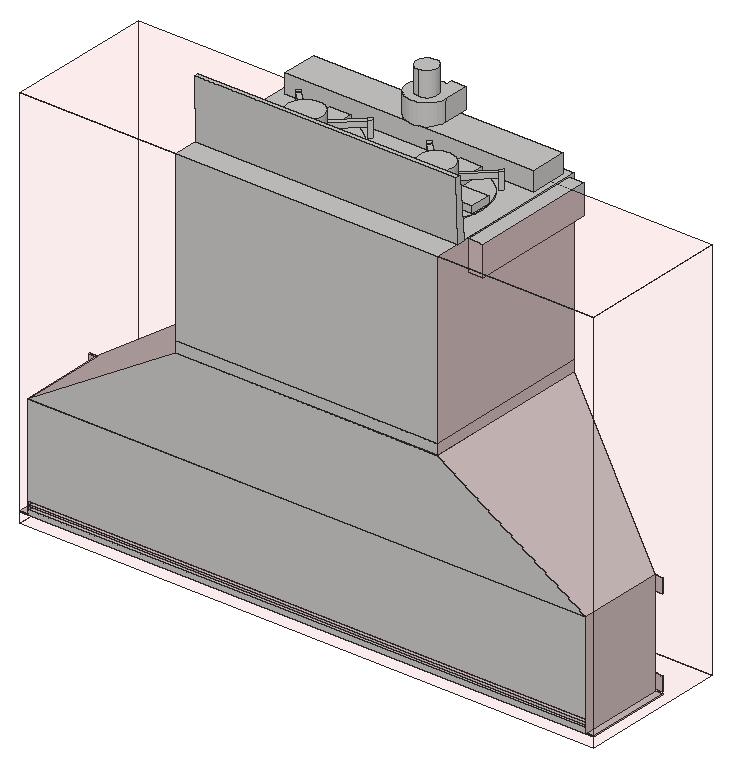
Revit family "Air-Curtain_Climate-Control_PoweredAire_TIG-1Heater", category Mechanical Equipment, host Face, Revit 2017
Family settings
  Host = Face
  Round Connector Dimension = Use Diameter
  Part Type = Normal
  OmniClass Number = 23.75.35.17.21
  OmniClass Title = Air Curtains
  Cut with Voids When Loaded = No
  Shared = No
  Room Calculation Point = No
Parameters (values of type "108'' Nozzle")
  upperrotation [instance] = 0.00°
  lowerrotation [instance] = 0.00°
  locateupperpipe [instance] = 0' - 0"
  locatelowerpipe [instance] = 0' - 0"
  Warranty Duration (Years) = 0
  Unit Width Notes = "Other Widths available."  # constant formula
  Unit Width = 9' - 3 5/32"
  Unit Weight = 640
  Unit Height = 1' - 4 3/4"
  Unit Depth = 1' - 8 1/4"
  URL = "http://www.poweredaire.com/"
  Test Data = ""
  Standards Conformance = "ETL  ;  Made in USA"
  Specification = "http://www.arcat.com/sdspecs/htm04/23_34_33pai.htm"
  SpecWizard = ""
  Sound Pressure = ">63 dBA"
  Sales Information = "http://www.poweredaire.com/contact_us"
  Revision = "R1_2016-08"
  Projection from Host [instance] = 0' - 2"
  Product Properties = ""
  Product Data = "http://www.arcat.com/arcatcos/cos47/arc47623.html"
  Power Rating = 0 W
  Piping_Water Flow [instance] = 0 GPM
  Piping_Operating Pressure [instance] = 0.00 psi
  Piping_Exit Temperature [instance] = 0 °F
  Piping_Entry Temperature [instance] = 0 °F
  Pipe OD [instance] = 5/8"
  Overall Depth = 6' - 0 3/4"
  Nozzle Width = if(1 = 1, Unit Width - 0' 3", 0' 0")  # 9' - 0 5/32"
  Mounting Width = if(1 = 1, Unit Width - 0' 1 1/2", 0' 0")  # 9' - 1 21/32"
  Mounting Height [instance] = 3' - 6"
  Motor RPM = 1630
  Motor HP = 0.75
  Motor Count = 3
  Model = "TIG-3-108"
  Max Height = 12' - 0"
  Manufacturer Website = "http://www.poweredaire.com/"
  Manufacturer Phone - Toll Free = "888-321-2473"
  Manufacturer Phone = "724-588-3305"
  Manufacturer Fax = "724-588-3371"
  Manufacturer Address = "109 Mortensen Rd.  Greenville, PA 16125"
  Manufacturer = "Powered Aire, Inc"
  Maintenance Schedule (Months) = 0
  Keynote = "23 34 33"
  Installation-Fabrication = ""
  Installation Phase = ""
  Include Clearance [instance] = yes
  Heating Element Load = 0 W
  Heater Weight = 0
  Heater Hanging Width = 4' - 0 5/8"
  Heater Finish [instance] = Metal - Steel - PoweredAire - Stainless 304
  HVAC_Temperature Rise = 34 °F
  HVAC_Primary CFM = 0 CFM
  HVAC_Outlet Volume = 7600 CFM
  HVAC_Outlet Velocity Uniformity = 0.92
  HVAC_Outlet Velocity = 3700 FPM
  HVAC_Exit Temperature [instance] = 0 °F
  HVAC_BTU Output = 280000.0 Btu/h
  HVAC_BTU Input = 105000.0 Btu/h
  Green Building-LEED = "http://www.arcat.com/green/clients/leed_data_47623.html"
  Gas Connection Diameter [instance] = 0"
  Frame Finish [instance] = Metal - Steel - PoweredAire - Stainless 304
  Expected Lifespan (Years) = 0
  Exhaust Connection Diameter = 0' - 6"
  Electrical_Wattage [instance] = Power Rating + Heating Element Load  # 0 W
  Electrical_Voltage [instance] = 0 V
  Electrical_Phase [instance] = 1
  Electrical_Frequency [instance] = 0 Hz
  Electrical_Amperage [instance] = 0 A
  Drawn By = "Sumex Design, Inc. / Robert S. Weygant, CSI, CDT, SCIP"
  Description = "Powered Aire Indirect Gas Heated Climate Control Air Curtain - TIG-3-108 as Specified"
  Default Elevation = 0' - 0"  # constant formula
  Copyright = "©Arcat Inc."
  Construction Details = "http://www.arcat.com/details/powair/prod3336.html"
  Clearance_Top [instance] = 1' - 0"
  Clearance_Side B [instance] = 0' - 0"
  Clearance_Side A [instance] = 0' - 0"
  Clearance_Intake [instance] = 0' - 0"
  Clearance_Bottom [instance] = 0' - 0"
  Clearance Material [instance] = ARCAT Clearance
  Building Codes = ""
  Available Options [instance] = "as Specified"
  Assembly Code = "D3090400"
Types (7): name | Unit Width | Unit Weight | Sound Pressure | Nozzle Width | Mounting Width | Motor Count | Model | Heater Hanging Width | HVAC_Temperature Rise | HVAC_Outlet Volume | HVAC_Outlet Velocity Uniformity | HVAC_Outlet Velocity | HVAC_BTU Output | HVAC_BTU Input | Exhaust Connection Diameter | Description
  108'' Nozzle | 9' - 3 5/32" | 640 | ">63 dBA" | 9' - 0 5/32" | 9' - 1 21/32" | 3 | "TIG-3-108" | 4' - 0 5/8" | 34 °F | 7600 CFM | 0.92 | 3700 FPM | 280000.0 Btu/h | 105000.0 Btu/h | 0' - 6" | "Powered Aire Indirect Gas Heated Climate Control Air Curtain - TIG-3-108 as Specified"
  96'' Nozzle | 8' - 3 1/16" | 570 | ">63 dBA" | 8' - 0 1/16" | 8' - 1 9/16" | 2 | "TIG-2-96" | 2' - 6 5/8" | 36 °F | 5100 CFM | 0.92 | 2800 FPM | 200000.0 Btu/h | 50000.0 Btu/h | 0' - 5" | "Powered Aire Indirect Gas Heated Climate Control Air Curtain - TIG-2-96 as Specified"
  84'' Nozzle | 7' - 3 1/16" | 530 | ">63 dBA" | 7' - 0 1/16" | 7' - 1 9/16" | 2 | "TIG-2-84" | 2' - 6 5/8" | 37 °F | 5100 CFM | 0.93 | 3200 FPM | 200000.0 Btu/h | 50000.0 Btu/h | 0' - 5" | "Powered Aire Indirect Gas Heated Climate Control Air Curtain - TIG-2-84 as Specified"
  72'' Nozzle | 6' - 3 1/16" | 500 | ">63 dBA" | 6' - 0 1/16" | 6' - 1 9/16" | 2 | "TIG-2-72" | 2' - 6 5/8" | 36 °F | 5100 CFM | 0.95 | 3700 FPM | 200000.0 Btu/h | 50000.0 Btu/h | 0' - 5" | "Powered Aire Indirect Gas Heated Climate Control Air Curtain - TIG-2-72 as Specified"
  60'' Nozzle | 5' - 3" | 340 | "63 dBA" | 5' - 0" | 5' - 1 1/2" | 1 | "TIG-1-60" | 1' - 6 5/8" | 44 °F | 2500 CFM | 0.91 | 2200 FPM | 120000.0 Btu/h | 150000.0 Btu/h | 0' - 5" | "Powered Aire Indirect Gas Heated Climate Control Air Curtain - TIG-1-60 as Specified"
  48'' Nozzle | 4' - 3" | 280 | "63 dBA" | 4' - 0" | 4' - 1 1/2" | 1 | "TIG-1-48" | 1' - 6 5/8" | 43 °F | 2600 CFM | 0.92 | 2800 FPM | 120000.0 Btu/h | 150000.0 Btu/h | 0' - 5" | "Powered Aire Indirect Gas Heated Climate Control Air Curtain - TIG-1-48 as Specified"
  36'' Nozzle | 3' - 3" | 250 | "63 dBA" | 3' - 0" | 3' - 1 1/2" | 1 | "TIG-1-36" | 1' - 6 5/8" | 44 °F | 2500 CFM | 0.95 | 3700 FPM | 120000.0 Btu/h | 150000.0 Btu/h | 0' - 5" | "Powered Aire Indirect Gas Heated Climate Control Air Curtain - TIG-1-36 as Specified"
Reference planes (in)
  plane 1 "Center (Elevation)": y = 0.13818
  plane 2: z = 0
  plane 3 "Center (Left/Right)": x = 0
  plane 4 "Top": y = 8.51318
  plane 5: y = -8.23682
  plane 6: x = -55.57812
  plane 7: x = 55.57813
  plane 8 "Front": z = 22.25
  plane 9 "FF": y = -41.86182
  plane 10: z = 2
  plane 11: x = 54.07813
  plane 12: x = -54.07812
  plane 13: y = 20.51318
  plane 14: y = -8.23682
  plane 15: x = -55.57812
  plane 16: x = 55.57813
  plane 17: z = 74.75
  plane 18: x = 54.01563
  plane 19: x = -54.01562
  plane 20: x = 54.07813
  plane 21: x = 54.07813
  plane 22: y = 6.01318
  plane 23: y = -5.73682
  plane 24: x = -24.3125
  plane 25: x = 24.3125
  plane 26: x = -25.375
  plane 27: x = 25.375
  plane 28: z = 74.75
  plane 29: z = 42.25
  plane 30: z = 40.25
Forms (in)
  Extrusion 1, solid, material "Metal - Steel - PoweredAire - Stainless 304" <- "Frame Finish"
    sketch origin (0, 0, 0) x (0, 1, 0) y (0, 0, 1)
      loop
        line (-8.23682, 2) -> (8.51318, 2) -> (8.51318, 22.25) -> (-8.23682, 22.25) -> (-8.23682, 2)
    from -54.07812 to 54.07812
  Extrusion 2, solid, material "ARCAT Clearance" <- "Clearance Material", visible <- "Include Clearance"
    sketch origin (0, 0, 0) x (0, 1, 0) y (0, 0, 1)
      loop
        line (-8.23682, 74.75) -> (-8.23682, 0) -> (20.51318, 0) -> (20.51318, 74.75) -> (-8.23682, 74.75)
    from -55.57812 to 55.57812
  Extrusion 3, solid, material "Metal - Steel - PoweredAire - Stainless 304" <- "Frame Finish"
    sketch origin (-15.17702, -180, 2) x (-1, 0, 0) y (0, -1, 0)
      loop
        line (-69.25515, -188.51318) -> (-69.25515, -171.76318) -> (-70.75515, -171.76318) -> (-70.75515, -188.51318) -> (-69.25515, -188.51318)
      loop
        line (38.9011, -188.51318) -> (40.4011, -188.51318) -> (40.4011, -171.76318) -> (38.9011, -171.76318) -> (38.9011, -188.51318)
    from 0 to 0.125
  Extrusion 4, solid, material "Metal - Steel - PoweredAire - Stainless 304" <- "Frame Finish"
    sketch origin (-11.83813, 8.51318, 48) x (-1, 0, 0) y (0, 0, 1)
      loop
        line (-65.91625, -45.5) -> (-65.91625, -42.75) -> (-67.41625, -42.75) -> (-67.41625, -45.5) -> (-65.91625, -45.5)
      loop
        line (-65.91625, -28.5) -> (-65.91625, -25.75) -> (-67.41625, -25.75) -> (-67.41625, -28.5) -> (-65.91625, -28.5)
      loop
        line (42.24, -45.5) -> (43.74, -45.5) -> (43.74, -42.75) -> (42.24, -42.75) -> (42.24, -45.5)
      loop
        line (42.24, -28.5) -> (43.74, -28.5) -> (43.74, -25.75) -> (42.24, -25.75) -> (42.24, -28.5)
    from 0 to -0.125
  Extrusion 5, void
    sketch origin (0, 0, 0) x (0, 1, 0) y (0, 0, 1)
      loop
        line (-8.23682, 3) -> (-7.23682, 3) -> (-7.23682, 4.5) -> (-8.23682, 4.5) -> (-8.23682, 3.82425) -> (-7.38364, 3.82425) -> (-7.38364, 3.57425) -> (-8.23682, 3.57425) -> (-8.23682, 3)
    from -54.01562 to 54.01562
  Blend 6, solid, material "Metal - Steel - PoweredAire - Stainless 304" <- "Frame Finish"
    base sketch origin (-15.17702, -180, 22.25) x (-1, 0, 0) y (0, -1, 0)
      loop
        line (38.9011, -188.51318) -> (38.9011, -171.76318) -> (-69.25515, -171.76318) -> (-69.25515, -188.51318) -> (38.9011, -188.51318)
    top sketch origin (-15.17702, -180, 22.25) x (-1, 0, 0) y (0, -1, 0)
      loop
        line (10.19798, -171.76318) -> (-40.55202, -171.76318) -> (-40.55202, -204.76318) -> (10.19798, -204.76318) -> (10.19798, -171.76318)
    from 0 to 18
Cuts and joins
  Extrusion 5 cuts Extrusion 1
Dimensions and locks (in)
  equal spacing: plane 4 "Top", plane 1 "Center (Elevation)", plane 5
  "Unit Height": plane 4 "Top" to plane 5
  equal spacing: plane 6, plane 3 "Center (Left/Right)", plane 7
  "Unit Width": plane 6 to plane 7
  "Mounting Height": plane 1 "Center (Elevation)" to plane 9 "FF"
  "Projection from Host": plane 10 to level
  "Unit Depth": plane 8 "Front" to plane 10
  locked: plane 6 to plane 12 at 1.5
  locked: plane 11 to plane 7 at 1.5
  "Clearance_Side A": plane 7 to plane 16
  "Clearance_Side B": plane 15 to plane 6
  "Clearance_Top": plane 13 to plane 4 "Top"
  "Clearance_Bottom": plane 5 to plane 14
  "Clearance_Intake": plane 17 to plane 28
  Extrusion 5 sketch curve to Extrusion 5 sketch curve to Extrusion 5 sketch curve to Extrusion 5 sketch curve to plane 10 = 0' - 0.67575" locked, 0' - 0 1/4" locked, 0' - 0.57425" locked, 0' - 1" locked
  plane 5 to Extrusion 5 sketch curve to Extrusion 5 sketch curve = 0' - 0.85319" locked, 0' - 0.14681" locked
  locked: plane 19 to plane 12 at 0.0625
  locked: plane 11 to plane 18 at 0.0625
  "locateupperpipe": plane 20 to plane 11
  "locatelowerpipe": plane 21 to plane 11
  locked: plane 4 "Top" to plane 22 at 2.5
  locked: plane 23 to plane 5 at 2.5
  equal spacing: plane 24, plane 3 "Center (Left/Right)", plane 25
  "Heater Hanging Width": plane 24 to plane 25
  locked: plane 25 to plane 27 at 1.0625
  locked: plane 26 to plane 24 at 1.0625
  "Overall Depth": plane 28 to plane 10
  locked: plane 29 to plane 30 at 2
  locked: plane 28 to plane 29 at 32.5
  locked: Blend 6 sketch curve to plane 5 at 33
  Extrusion 4 sketch curve to Extrusion 4 sketch curve to plane 10 = 0' - 2 3/4" locked, 0' - 0 1/2" locked  (x2)
  plane 8 "Front" to Extrusion 4 sketch curve to Extrusion 4 sketch curve = 0' - 0" locked, 0' - 2 3/4" locked  (x2)
  aligned and locked: plane 2 to host face
  aligned and locked: level to host face
  aligned and locked: Extrusion 2 sketch curve to plane 17
  aligned and locked: plane 14 to Extrusion 2 sketch curve
  aligned and locked: level to Extrusion 2 sketch curve
  aligned and locked: Extrusion 2 sketch curve to plane 13
  aligned and locked: plane 16 to Extrusion 2
  aligned and locked: Extrusion 2 to plane 15
  aligned and locked: plane 11 to Extrusion 1
  aligned and locked: Extrusion 1 to plane 12
  aligned and locked: Extrusion 1 sketch curve to plane 8 "Front"
  aligned and locked: plane 28 to nested 1
  aligned and locked: Blend 6 sketch curve to plane 5  (x2)
  aligned and locked: plane 12 to Blend 6 sketch curve
  aligned and locked: Blend 6 sketch curve to plane 11
  aligned and locked: Blend 6 sketch curve to plane 4 "Top"
  aligned and locked: Blend 6 sketch curve to plane 26
  aligned and locked: plane 27 to Blend 6 sketch curve
  aligned and locked: plane 30 to Blend 6
  aligned and locked: plane 3 "Center (Left/Right)" to nested 1
  aligned and locked: plane 18 to cut or joined group of Extrusion 1, Extrusion 5
  aligned and locked: cut or joined group of Extrusion 1, Extrusion 5 to plane 19
Automatic sketch dimensions
  host sketch curve to host sketch curve = 8' - 0"  (x2)
  plane 4 "Top" to Extrusion 3 sketch curve = 0' - 0"
  Extrusion 3 sketch curve to plane 7 = 0' - 0"
  plane 5 to Extrusion 3 sketch curve = 0' - 0"
  Extrusion 3 sketch curve to plane 11 = 0' - 0"
  Extrusion 3 sketch curve to plane 4 "Top" = 0' - 0"
  Extrusion 3 sketch curve to plane 12 = 0' - 0"
  Extrusion 3 sketch curve to plane 6 = 0' - 0"
  Extrusion 3 sketch curve to plane 5 = 0' - 0"
  Extrusion 4 sketch curve to plane 7 = 0' - 0"  (x2)
  Extrusion 4 sketch curve to plane 11 = 0' - 0"  (x2)
  Extrusion 4 sketch curve to plane 12 = 0' - 0"  (x2)
  Extrusion 4 sketch curve to plane 6 = 0' - 0"  (x2)
  Extrusion 5 sketch curve to plane 5 = 0' - 0"  (x2)
  Extrusion 1 sketch curve to plane 5 = 0' - 0"
  Extrusion 1 sketch curve to plane 4 "Top" = 0' - 0"
  Extrusion 1 sketch curve to plane 10 = 0' - 0"
Nested families (in)
  nested 1: "Heater" at (0, -8.23682, 42.2987) x (1, 0, 0) z (0, 1, 0), finish <- "Heater Finish", burner width <- "Heater Hanging Width", type "Heater"
    with finish Metal - Steel - PoweredAire - Stainless 304, burner width 4' - 0 5/8", Two Fan yes, One Fan no
Connectors (in)
  electrical at (-54.07812, 0.13818, 12.125), driven by "Electrical_Voltage", driven by "Electrical_Phase"
    settings: on cut or joined group of Extrusion 1, Extrusion 5, index 3, voltage 0 V, apparent load 0 VA, apparent load phase1 0 VA, apparent load phase2 0 VA, apparent load phase3 0 VA, power factor 1, load classification "Motor", number of poles 1, system type 31, power factor state 1, is connector primary yes, connector utility no, sub classification motor no, connector description ""
  hvac at (3, 24.76318, 80.40625), driven by "Exhaust Connection Diameter", driven by "HVAC_Primary CFM"
    settings: on nested 1, index 4, duct flow 0 CFM, flow factor 0, pres drop 0.00 in-wg, loss coef 0, conn angle 0.00°, conn width 12", conn height 12", conn diameter 6", duct sys type 3, conn prof type 0, flow config 0, flow direction 2, loss method 0, conn ref index -1, conn util no, is conn primary yes, conn desc ""
Definition of nested family "Heater"
  Parameters
    finish [instance] = none
    burner width [instance] = 4' - 0 5/8"
    burner depth = 3' - 8 3/4"
    Two Fan [instance] = burner width > 4' 0"  # yes
    One Fan [instance] = burner width < 4' 0"  # no
    Default Elevation = 0' - 0"  # constant formula
  Reference planes (in)
    plane 1 "Center (Front/Back)": y = 0
    plane 2: z = 0
    plane 3 "Center (Left/Right)": x = 0
    plane 4: x = -25.375
    plane 5: x = 25.375
    plane 6: z = 33
    plane 7: y = -44.75
    plane 8: x = 3
    plane 9: x = 4.375
    plane 10: x = -12.6875
    plane 11: x = 12.6875
    plane 12: z = 15.5
    plane 13: x = -24.3125
    plane 14: x = 24.3125
  Forms (in)
    Extrusion 1, solid, material <- "finish"
      sketch origin (-74.94554, -3, 38.65968) x (0, 0, 1) y (1, 0, 0)
        loop
          line (-5.65968, 49.57054) -> (-5.65968, 100.32054) -> (-38.65968, 100.32054) -> (-38.65968, 49.57054) -> (-5.65968, 49.57054)
      from 3 to -29.4513
    Extrusion 2, solid, material <- "finish"
      sketch origin (0, 0, 0) x (0, 1, 0) y (0, 0, 1)
        loop
          line (2, 0) -> (2, 33) -> (0, 33) -> (0, 0) -> (2, 0)
      from -25.375 to 25.375
    Extrusion 3, solid, material <- "finish"
      sketch origin (-74.94554, -32.4513, 38.65968) x (0, 0, 1) y (1, 0, 0)
        loop
          line (-6.91591, 50.82971) -> (-6.91591, 99.10844) -> (-13.91591, 99.10844) -> (-13.91591, 50.82971) -> (-6.91591, 50.82971)
      from 0 to -3.625
    Extrusion 4, solid, material <- "finish"
      sketch origin (-74.94554, -36.0763, 38.65968) x (0, 0, 1) y (1, 0, 0)
        loop
          arc (-10.4052, 79.32054) -> (-12.67312, 72.60509) -> (-6.79809, 76.57054) r 3.74068
          line (-6.79809, 76.57054) -> (-5.65968, 76.57054) -> (-5.65968, 79.32054) -> (-10.4052, 79.32054)
      from 0 to -4.0625
    Extrusion 5, solid, material <- "finish"
      sketch origin (-73.58006, -40.1388, 35.52564) x (0, 0, -1) y (1, 0, 0)
        loop
          circle (7.27116, 74.21438) r 2
      from 4.6112 to 0
    Extrusion 6, solid, material <- "finish"
      sketch origin (0, 0, 0) x (1, 0, 0) y (0, 1, 0)
        loop
          line (28.3125, -32.4513) -> (28.3125, -26.7013) -> (25.3125, -26.7013) -> (25.3125, -32.4513) -> (28.3125, -32.4513)
      from 7.25 to 31.75
    Extrusion 7, solid, material <- "finish", visible <- "Two Fan"
      sketch origin (0, 0, 0) x (0, 1, 0) y (0, 0, 1)
        loop
          line (-32.4513, 6.22268) -> (-44.15658, 5.1986) -> (-44.15658, 4.4486) -> (-32.4513, 4.85736) -> (-32.4513, 6.22268)
      from -25.375 to 25.375
  Dimensions and locks (in)
    locked: Extrusion 4 sketch curve to Extrusion 4 sketch curve at 2.75
    "burner width": plane 13 to plane 14
    locked: plane 6 to level at 33
    "burner depth": plane 7 to plane 1 "Center (Front/Back)"
    locked: plane 8 to plane 9 at 1.375
    Extrusion 4 sketch curve to Extrusion 4 sketch curve to plane 8 = 0' - 0.99068" locked, 0' - 1 3/8" locked
    locked: Extrusion 5 sketch curve to plane 8 at 2.36568
    locked: plane 8 to plane 3 "Center (Left/Right)" at 3
    Extrusion 6 sketch curve to plane 5 to Extrusion 6 sketch curve = 0' - 0 1/16" locked, 0' - 2 15/16" locked
    equal spacing: plane 5, plane 11, plane 3 "Center (Left/Right)", plane 10, plane 4
    locked: plane 4 to plane 13 at 1.0625
    locked: plane 14 to plane 5 at 1.0625
    aligned and locked: plane 2 to level
    aligned: Extrusion 4 to Extrusion 5
    aligned: Extrusion 3 to Extrusion 2  (x2)
    aligned and locked: plane 7 to Extrusion 5
    aligned and locked: plane 4 to Extrusion 1 sketch curve
    aligned and locked: Extrusion 1 sketch curve to plane 5
    aligned and locked: Extrusion 7 to plane 4
    aligned and locked: plane 5 to Extrusion 7
    aligned and locked: plane 12 to nested 1
    aligned and locked: plane 3 "Center (Left/Right)" to nested 1
    aligned and locked: plane 12 to nested 3
    aligned and locked: plane 11 to nested 3
    aligned and locked: plane 10 to nested 2
    aligned and locked: plane 12 to nested 2
    aligned and locked: plane 5 to Extrusion 2
    aligned and locked: Extrusion 2 to plane 4
  Automatic sketch dimensions
    Extrusion 1 to Extrusion 3 sketch curve = 0' - 1.25917"
    Extrusion 1 to Extrusion 3 sketch curve = 0' - 8.25624"
    Extrusion 1 to Extrusion 3 sketch curve = 0' - 1.2121"
    Extrusion 1 to Extrusion 3 sketch curve = 0' - 1.25624"
    Extrusion 4 sketch curve to Extrusion 3 = 0' - 0.11782"
    Extrusion 4 sketch curve to Extrusion 3 = 0' - 1.25624"
    Extrusion 5 sketch curve to Extrusion 4 = 0' - 4.74552"
    Extrusion 1 sketch curve to level = 0' - 0"
    Extrusion 1 sketch curve to plane 6 = 0' - 0"
    Extrusion 2 sketch curve to level = 0' - 0"
    Extrusion 2 sketch curve to plane 1 "Center (Front/Back)" = 0' - 0"
    Extrusion 2 sketch curve to plane 6 = 0' - 0"
    Extrusion 2 sketch curve to Extrusion 2 sketch curve = 0' - 2"
    Extrusion 6 sketch curve to plane 7 = 1' - 0.2987"
    Extrusion 6 sketch curve to Extrusion 6 sketch curve = 0' - 5 3/4"
    Extrusion 7 sketch curve to plane 7 = 0' - 0.59342"
    level to Extrusion 7 sketch curve = 0' - 4.4486"
    Extrusion 7 sketch curve to Extrusion 7 sketch curve = 0' - 0 3/4"
    level to Extrusion 7 sketch curve = 0' - 4.85736"
    Extrusion 7 sketch curve to Extrusion 7 sketch curve = 0' - 11.70529"
    Extrusion 7 sketch curve to Extrusion 7 sketch curve = 0' - 1.36532"
    radius of Extrusion 5 sketch curve = 0' - 2"
  Nested families (in)
    nested 1: "FanControls" at (0, -32.4513, 15.5) x (1, 0, 0) z (0, -1, 0), finish <- "finish", visible <- "One Fan", type "FanControls"
      with finish none
    nested 2: "FanControls" at (-12.6875, -32.4513, 15.5) x (1, 0, 0) z (0, -1, 0), finish <- "finish", visible <- "Two Fan", type "FanControls"
      with finish none
    nested 3: "FanControls" at (12.6875, -32.4513, 15.5) x (1, 0, 0) z (0, -1, 0), finish <- "finish", visible <- "Two Fan", type "FanControls"
      with finish none
  Definition of nested family "FanControls"
    Parameters
      finish [instance] = none
      Default Elevation = 4' - 0"
    Reference planes (in)
      plane 1 "Center (Front/Back)": y = 0
      plane 2: z = 0
      plane 3 "Center (Left/Right)": x = 0
    Forms (in)
      Extrusion 1, solid, material <- "finish"
        sketch origin (-75.00804, 32.07233, 0) x (1, 0, 0) y (0, -1, 0)
          loop
            circle (75.00804, 32.07233) r 3.25
        from -5.33075 to 0
      Extrusion 2, solid, material <- "finish"
        sketch origin (24.44581, -78.06044, 0) x (1, 0, 0) y (0, -1, 0)
          loop
            line (-22.50831, -86.58776) -> (-22.50831, -81.58776) -> (-26.50831, -81.58776) -> (-26.50831, -86.58776) -> (-22.50831, -86.58776)
          loop
            line (-22.50831, -69.53312) -> (-26.50831, -69.53312) -> (-26.50831, -74.53312) -> (-22.50831, -74.53312) -> (-22.50831, -69.53312)
          loop
            line (-15.98099, -76.06044) -> (-20.98099, -76.06044) -> (-20.98099, -80.06044) -> (-15.98099, -80.06044) -> (-15.98099, -76.06044)
          loop
            line (-33.03563, -76.06044) -> (-33.03563, -80.06044) -> (-28.03563, -80.06044) -> (-28.03563, -76.06044) -> (-33.03563, -76.06044)
        from 0 to -1.37288
      Extrusion 3, solid, material <- "finish"
        sketch origin (-75.00804, 21.40968, 0) x (1, 0, 0) y (0, -1, 0)
          loop
            line (68.02536, 14.95733) -> (68.55569, 14.427) -> (75.00804, 20.87935) -> (81.46039, 14.427) -> (81.99072, 14.95733) -> (75.53837, 21.40968) -> (81.99072, 27.86203) -> (81.46039, 28.39236) -> (75.00804, 21.94001) -> (68.55569, 28.39236) -> (68.02536, 27.86203) -> (74.47771, 21.40968) -> (68.02536, 14.95733)
        from -3.1123 to -2
      Extrusion 4, solid, material <- "finish"
        sketch origin (-75.00804, 21.40968, 0) x (1, 0, 0) y (0, -1, 0)
          loop
            line (68.02536, 13.89667) -> (68.55569, 14.427) -> (68.02536, 14.95733) -> (67.49503, 14.427) -> (68.02536, 13.89667)
          loop
            line (82.52105, 14.427) -> (81.99072, 14.95733) -> (81.46039, 14.427) -> (81.99072, 13.89667) -> (82.52105, 14.427)
          loop
            line (81.99072, 28.92269) -> (81.46039, 28.39236) -> (81.99072, 27.86203) -> (82.52105, 28.39236) -> (81.99072, 28.92269)
          loop
            line (67.49503, 28.39236) -> (68.02536, 27.86203) -> (68.55569, 28.39236) -> (68.02536, 28.92269) -> (67.49503, 28.39236)
        from 0 to -3.1123
      Extrusion 5, solid, material <- "finish"
        sketch origin (0, 0, 0) x (1, 0, 0) y (0, 1, 0)
          loop
            circle (0, 0) r 9
        from 0 to 0.14961
    Dimensions and locks (in)
      Extrusion 4 sketch curve to Extrusion 4 sketch curve to Extrusion 4 sketch curve to Extrusion 4 sketch curve = 0' - 0.53033" locked, 0' - 0" locked, 0' - 0.53033" locked  (x4)
      Extrusion 3 sketch curve to Extrusion 3 sketch curve to Extrusion 3 sketch curve to Extrusion 3 sketch curve to Extrusion 3 sketch curve = 0' - 5.92202" locked, 0' - 0" locked, 0' - 0.53033" locked, 0' - 0" locked
      Extrusion 3 sketch curve to Extrusion 3 sketch curve to Extrusion 3 sketch curve to Extrusion 3 sketch curve to Extrusion 3 sketch curve = 0' - 0" locked, 0' - 0.53033" locked, 0' - 0" locked, 0' - 5.92202" locked
      locked: Extrusion 2 sketch curve to Extrusion 2 sketch curve at 5  (x2)
      aligned and locked: plane 2 to level
